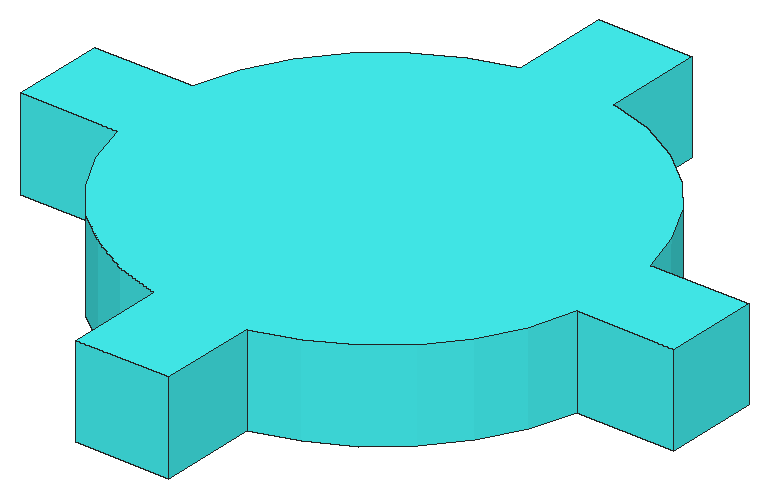
Revit family "Семейство9", category Обобщенные модели, Revit 2022
Family settings
  Может служить основой для арматурных стержней = Нет
  Размер круглого соединителя = Использовать диаметр
  Тип детали = Нормальный
  На основе рабочей плоскости = Нет
  Всегда вертикально = Да
  При загрузке вырезать с полостями = Нет
  Сохранять ориентацию аннотаций = Нет
  Общий = Нет
  Точка принадлежности помещению = Нет
Parameters
  Отметка по умолчанию = 0 mm
Reference planes
  plane 1 "По центру (Вперед/Назад)": y = 0
  plane 2: z = 0
  plane 3 "По центру (Влево/Вправо)": x = 0
Forms (mm)
  Extrusion 1, solid, material "Новый материал 9"
    sketch origin (238, -55.402, 0) x (1, 0, 0) y (0, 1, 0)
      loop
        line (-366, -845.886) -> (-110, -845.886) -> (-110, 955.402) -> (-366, 955.402) -> (-366, -845.886)
    from 0 to 250
  Extrusion 2, solid, material "Новый материал 9"
    sketch origin (-464.8, -1012.6, 0) x (1, 0, 0) y (0, 1, 0)
      loop
        line (-435.741, 884.6) -> (1364.97, 884.6) -> (1364.97, 1140.6) -> (-435.741, 1140.6) -> (-435.741, 884.6)
    from 0 to 250
  Extrusion 3, solid, material "Новый материал 9"
    sketch origin (0, 0, 0) x (1, 0, 0) y (0, 1, 0)
      loop
        circle (0, -1) r 644.505
    from 0 to 250
Cuts and joins
  joined: Extrusion 1, Extrusion 2, Extrusion 3
Dimensions and locks
  Extrusion 1 to plane 3 "По центру (Влево/Вправо)" to Extrusion 1 = 128 mm, 128 mm
  Extrusion 1 to plane 1 "По центру (Вперед/Назад)" to Extrusion 1 = 900 mm, 901.287 mm
  cut or joined group of Extrusion 1, Extrusion 2, Extrusion 3 to plane 3 "По центру (Влево/Вправо)" to cut or joined group of Extrusion 1, Extrusion 2, Extrusion 3 = 128 mm, 128 mm
  cut or joined group of Extrusion 1, Extrusion 2, Extrusion 3 to Extrusion 3 = 256.495 mm
  aligned and locked: level to plane 2
